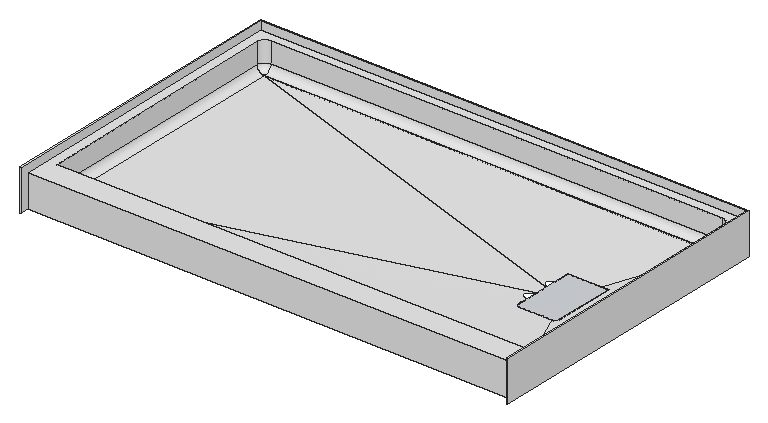
Revit family "P6036SQ.V2 L-R", category Plumbing Fixtures, Revit 2019
Family settings
  Round Connector Dimension = Use Diameter
  Part Type = Normal
  OmniClass Number = 23.45.05.14.17
  OmniClass Title = Showers
  Work Plane-Based = No
  Always vertical = Yes
  Cut with Voids When Loaded = No
  Shared = No
  Room Calculation Point = No
Parameters (values of type "P6030SQ.V2 L/R")
  Unit Width = 60"
  Unit Height = 5"
  Unit Depth = 37"
  URL = "http://www.bestbath.com/"
  Type Comments = "Remodeler"
  Model = "P6030SQ.V2 L/R"
  Material [instance] = Best Bath Gelcoat Fiberglass - Smooth
  Manufacturer = "Best Bath Systems, Inc."
  Keynote = "22 40 00.B3"
  Description = "Shower Pan"
  Assembly Code = "D2010710"
Reference planes (in)
  plane 1 "Back": y = -0.5
  plane 2: z = 0
  plane 3 "Left": x = 0
  plane 4: x = 60
  plane 5: z = 4
  plane 6: z = 5
  plane 7: x = 51.5
  plane 8: y = 35.5
  plane 9: y = 17.5
  plane 10: x = 1.25
  plane 11: x = 58.75
  plane 12: y = 34.25
  plane 13: z = 0.625
  plane 14: z = 0.25
  plane 15: y = -1.5
Forms (in)
  Extrusion 1, solid, material "Best Bath Gelcoat Fiberglass - Smooth"
    sketch origin (0, 0, 0) x (1, 0, 0) y (0, 1, 0)
      loop
        line (0, -0.5) -> (1.25, -0.5) -> (1.25, 33.25)
        arc (1.25, 33.25) -> (1.54289, 33.95711) -> (2.25, 34.25) r 1
        line (2.25, 34.25) -> (57.75, 34.25)
        arc (57.75, 34.25) -> (58.45711, 33.95711) -> (58.75, 33.25) r 1
        line (58.75, 33.25) -> (58.75, -0.5) -> (60, -0.5) -> (60, 35.5) -> (0, 35.5) -> (0, -0.5)
    from 0 to 4
  Extrusion 2, solid, material "Best Bath Gelcoat Fiberglass - Smooth"
    sketch origin (0, 0, 0) x (1, 0, 0) y (0, 1, 0)
      loop
        line (0, -0.5) -> (60, -0.5) -> (60, 35.5) -> (0, 35.5) -> (0, -0.5)
    from 0 to 0.625
  Sweep 3, solid, material "Best Bath Gelcoat Fiberglass - Smooth"
    path origin (0, 0, 0) x (1, 0, 0) y (0, 1, 0)
      loop
        line (58.75, -0.5) -> (58.75, 33.25)
        arc (58.75, 33.25) -> (58.45711, 33.95711) -> (57.75, 34.25) r 1
        line (57.75, 34.25) -> (2.25, 34.25)
        arc (2.25, 34.25) -> (1.54289, 33.95711) -> (1.25, 33.25) r 1
        line (1.25, 33.25) -> (1.25, -0.5)
    profile origin (1.25, 16.375, 0) x (1, 0, 0) y (0, 0, 1)
      loop
        line (0, 0.625) -> (0.9, 0.625)
        arc (0.9, 0.625) -> (0.2636, 0.8886) -> (0, 1.525) r 0.9
        line (0, 1.525) -> (0, 0.625)
  Blend 4, void
    base sketch origin (0, 0, 0) x (1, 0, 0) y (0, 1, 0)
      loop
        line (2.25, 3.5147) -> (57.75, 3.5147) -> (57.75, 33.25) -> (2.25, 33.25) -> (2.25, 3.5147)
    top sketch origin (0, 0, 0) x (1, 0, 0) y (0, 1, 0)
      loop
        circle (51.5, 17.5) r 0.10467
    from 0.625 to 0.25
  Sweep 5, solid, material "Best Bath Gelcoat Fiberglass - Smooth"
    path origin (0, 0, 0) x (1, 0, 0) y (0, 1, 0)
      loop
        line (1.25, -0.5) -> (58.75, -0.5)
    profile origin (30, -0.5, 0) x (0, 1, 0) y (0, 0, 1)
      loop
        line (0, 4) -> (0, 0) -> (4.11592, 0) -> (3.00305, 4) -> (0, 4)
  Extrusion 6, solid, material "Best Bath Gelcoat Fiberglass - Smooth"
    sketch origin (0, 0, 0) x (1, 0, 0) y (0, 1, 0)
      loop
        line (0, -1.5) -> (0.125, -1.5) -> (0.125, 35.375) -> (59.875, 35.375) -> (59.875, -1.5) -> (60, -1.5) -> (60, 35.5) -> (0, 35.5) -> (0, -1.5)
    from 0 to 5
  Extrusion 7, void
    sketch origin (21.5, 6, 0.625) x (0, 1, 0) y (1, 0, 0)
      loop
        line (15.5, 27.5) -> (15.5, 32.5) -> (7.5, 32.5) -> (7.5, 27.5) -> (15.5, 27.5)
    from 0 to 0.5
  Extrusion 8, void
    sketch origin (21.5, -4, 0.625) x (0, 1, 0) y (1, 0, 0)
      loop
        circle (21.5, 30) r 1.75
    from 0 to 1.25
  Extrusion 9, solid
    sketch origin (43.25, 2, 0.125) x (0, 1, 0) y (-1, 0, 0)
      loop
        line (19.5, -5.75) -> (11.5, -5.75) -> (11.5, -10.75) -> (19.5, -10.75) -> (19.5, -5.75)
    from 0 to 0.25
Cuts and joins
  Blend 4, Extrusion 7, Extrusion 8 cuts Extrusion 1
  Blend 4, Extrusion 7, Extrusion 8 cuts Extrusion 2
  Blend 4, Extrusion 7, Extrusion 8 cuts Sweep 3
  Extrusion 7, Extrusion 8 cuts Sweep 5
  Extrusion 7, Extrusion 8 cuts Extrusion 6
  joined: Extrusion 1, Extrusion 2, Sweep 3, Sweep 5, Extrusion 6
Dimensions and locks (in)
  "Unit Width": plane 3 "Left" to plane 4
  locked: plane 6 to plane 5 at 1
  "Unit Height": plane 6 to level
  locked: plane 8 to plane 12 at 1.25
  locked: plane 11 to plane 4 at 1.25
  locked: plane 3 "Left" to plane 10 at 1.25
  locked: plane 8 to plane 9 at 18
  locked: plane 13 to plane 14 at 0.375
  locked: plane 13 to level at 0.625
  locked: plane 15 to plane 1 "Back" at 1
  "Unit Depth": plane 8 to plane 15
  plane 7 to plane 4 = 8 1/2"
  aligned and locked: level to plane 2
  aligned and locked: Sweep 3 to plane 13
  aligned and locked: Sweep 3 sketch curve to plane 13
  aligned and locked: Extrusion 2 to plane 13
  aligned and locked: plane 9 to Blend 4 sketch curve
  aligned and locked: plane 7 to Blend 4 sketch curve
  aligned and locked: Extrusion 2 to Blend 4
  aligned and locked: Blend 4 to plane 14
  aligned and locked: plane 5 to Extrusion 1
  aligned and locked: plane 5 to Sweep 5
  aligned and locked: plane 6 to Extrusion 6
  aligned and locked: Extrusion 9 to cut or joined group of Extrusion 1, Extrusion 2, Sweep 3, Blend 4, Sweep 5, Extrusion 6, Extrusion 7, Extrusion 8
  aligned and locked: cut or joined group of Extrusion 1, Extrusion 2, Sweep 3, Blend 4, Sweep 5, Extrusion 6, Extrusion 7, Extrusion 8 to Extrusion 9
Automatic sketch dimensions
  plane 1 "Back" to Extrusion 1 sketch curve = 0"  (x2)
  Extrusion 1 sketch curve to plane 3 "Left" = 0"
  Extrusion 1 sketch curve to plane 4 = 0"
  Extrusion 1 sketch curve to plane 8 = 0"
  Extrusion 1 sketch curve to plane 10 = 0"
  Extrusion 1 sketch curve to plane 12 = 0"
  Extrusion 1 sketch curve to plane 11 = 0"
  Extrusion 1 sketch curve to plane 12 = 1"
  plane 10 to Extrusion 1 sketch curve = 1"
  profile plane to Sweep 3 sketch curve = 0"
  Sweep 3 sketch curve to profile plane = 0.9"
  Sweep 3 sketch curve to plane 10 = 0"
  Sweep 3 sketch curve to plane 12 = 0"
  Sweep 3 sketch curve to plane 11 = 0"
  Sweep 3 sketch curve to plane 12 = 1"
  plane 1 "Back" to Sweep 3 sketch curve = 0"  (x2)
  plane 10 to Sweep 3 sketch curve = 1"
  plane 1 "Back" to Sweep 5 sketch curve = 0"
  Sweep 5 sketch curve to plane 10 = 0"
  Sweep 5 sketch curve to plane 11 = 0"
  Sweep 5 sketch curve to profile plane = 0"
  Sweep 5 sketch curve to level = 0"
  Sweep 5 sketch curve to profile plane = 3.00305"
  Sweep 5 sketch curve to profile plane = 4.11592"
  level to Sweep 5 sketch curve = 4"
  plane 10 to Blend 4 sketch curve = 1"
  Blend 4 sketch curve to plane 11 = 1"
  Blend 4 sketch curve to plane 1 "Back" = 4.0147"
  Blend 4 sketch curve to plane 12 = 1"
  Extrusion 6 sketch curve to plane 3 "Left" = 0"
  Extrusion 6 sketch curve to plane 15 = 0"  (x2)
  Extrusion 6 sketch curve to plane 4 = 0"
  Extrusion 6 sketch curve to plane 8 = 0"
  plane 3 "Left" to Extrusion 6 sketch curve = 1/8"
  plane 4 to Extrusion 6 sketch curve = 1/8"
  Extrusion 6 sketch curve to plane 8 = 1/8"
  Extrusion 2 sketch curve to plane 3 "Left" = 0"
  plane 1 "Back" to Extrusion 2 sketch curve = 0"
  Extrusion 2 sketch curve to plane 4 = 0"
  Extrusion 2 sketch curve to plane 8 = 0"
  Extrusion 7 sketch curve to Extrusion 2 = 14"
  Extrusion 7 sketch curve to Extrusion 7 sketch curve = 8"
  Extrusion 7 sketch curve to Extrusion 2 = 6"
  Extrusion 7 sketch curve to Extrusion 7 sketch curve = 5"
  Extrusion 8 sketch curve to Extrusion 2 = 18"
  Extrusion 8 sketch curve to Extrusion 2 = 8 1/2"
  Extrusion 9 sketch curve to Extrusion 7 = 0"  (x2)
  Extrusion 7 to Extrusion 9 sketch curve = 0"  (x2)
  radius of Blend 4 sketch curve = 0.10467"
  radius of Extrusion 8 sketch curve = 1 3/4"
